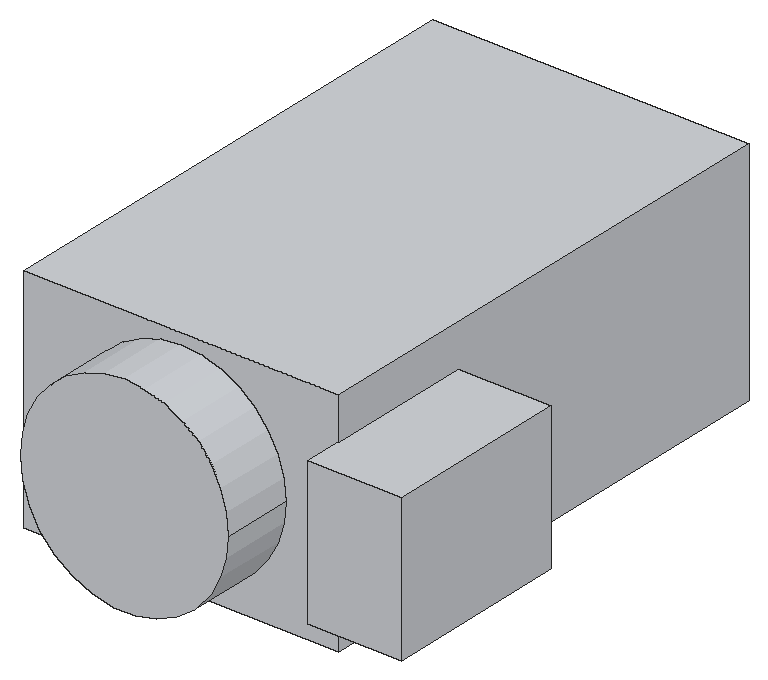
Revit family "EZTA", category Mechanical Equipment, Revit 2018
Family settings
  Round Connector Dimension = Use Diameter
  Part Type = Normal
  OmniClass Number = 23.75.00.00
  OmniClass Title = Climate Control (HVAC)
  Work Plane-Based = No
  Always vertical = Yes
  Cut with Voids When Loaded = No
  Shared = No
  Room Calculation Point = No
Parameters (values of type "EZTA Inlet Size 16 W/RH Controller")
  Width = 2' - 0"
  URL = "https://www.anemostat-hvac.com/"
  RightController = yes
  Power Right Controller = yes
  Power Left Controller = no
  Model = "EZTA"
  Manufacturer = "ANEMOSTAT PRODUCTS"
  Length = 3' - 3 1/2"
  LeftController = no
  Inlet_S = 0' - 5 3/8"
  InletRadius = InletDia / 2  # 0' - 7 15/16"
  InletDia = 1' - 3 7/8"
  Height = 1' - 5 1/2"
  SlipDrive = 3' - 8 7/16"
  Overlap = 0' - 0 5/8"
  EnslosureRear = 1' - 2 7/32"
  EnclosureWidth = 0' - 7 1/8"
  EnclosureHeight = 0' - 11 3/32"
  EnclosureFront = 0' - 3"
  EnclosureCenter = Height / 2  # 0' - 8 3/4"
  DischargeY = Height - 0' 1 1/4"  # 1' - 4 1/4"
  DischargeX = Width - 0' 1 1/4"  # 1' - 10 3/4"
  Discharge = 0' - 0 5/8"
  Description = "EZTA W/Integral Sound Attenuator"
  Coil = SlipDrive - Length  # 0' - 4 15/16"
Types (18): name | Width | RightController | Power Right Controller | Power Left Controller | LeftController | InletRadius | InletDia | Height | SlipDrive | EnclosureCenter | DischargeY | DischargeX | Coil
  EZTA Inlet Size 16 W/RH Controller | 2' - 0" | yes | yes | no | no | 0' - 7 15/16" | 1' - 3 7/8" | 1' - 5 1/2" | 3' - 8 7/16" | 0' - 8 3/4" | 1' - 4 1/4" | 1' - 10 3/4" | 0' - 4 15/16"
  EZTA Inlet Size 16 W/LH Controller | 2' - 0" | no | no | yes | yes | 0' - 7 15/16" | 1' - 3 7/8" | 1' - 5 1/2" | 3' - 8 7/16" | 0' - 8 3/4" | 1' - 4 1/4" | 1' - 10 3/4" | 0' - 4 15/16"
  EZTA Inlet Size 14 W/LH Controller | 1' - 8" | no | no | yes | yes | 0' - 6 15/16" | 1' - 1 7/8" | 1' - 5 1/2" | 3' - 7 1/4" | 0' - 8 3/4" | 1' - 4 1/4" | 1' - 6 3/4" | 0' - 3 3/4"
  EZTA Inlet Size 14 W/RH Controller | 1' - 8" | yes | yes | no | no | 0' - 6 15/16" | 1' - 1 7/8" | 1' - 5 1/2" | 3' - 7 1/4" | 0' - 8 3/4" | 1' - 4 1/4" | 1' - 6 3/4" | 0' - 3 3/4"
  EZTA Inlet Size 12 W/RH Controller | 1' - 4" | yes | yes | no | no | 0' - 5 15/16" | 0' - 11 7/8" | 1' - 3" | 3' - 7 1/4" | 0' - 7 1/2" | 1' - 1 3/4" | 1' - 2 3/4" | 0' - 3 3/4"
  EZTA Inlet Size 12 W/LH Controller | 1' - 4" | no | no | yes | yes | 0' - 5 15/16" | 0' - 11 7/8" | 1' - 3" | 3' - 7 1/4" | 0' - 7 1/2" | 1' - 1 3/4" | 1' - 2 3/4" | 0' - 3 3/4"
  EZTA Inlet Size 10 W/LH Controller | 1' - 2" | no | no | yes | yes | 0' - 4 15/16" | 0' - 9 7/8" | 1' - 0 1/2" | 3' - 10 7/16" | 0' - 6 1/4" | 0' - 11 1/4" | 1' - 0 3/4" | 0' - 6 15/16"
  EZTA Inlet Size 10 W/RH Controller | 1' - 2" | yes | yes | no | no | 0' - 4 15/16" | 0' - 9 7/8" | 1' - 0 1/2" | 3' - 7 1/4" | 0' - 6 1/4" | 0' - 11 1/4" | 1' - 0 3/4" | 0' - 3 3/4"
  EZTA Inlet Size 09 W/RH Controller | 1' - 2" | yes | yes | no | no | 0' - 4 7/16" | 0' - 8 7/8" | 1' - 0 1/2" | 3' - 10 7/16" | 0' - 6 1/4" | 0' - 11 1/4" | 1' - 0 3/4" | 0' - 6 15/16"
  EZTA Inlet Size 09 W/LH Controller | 1' - 2" | no | no | yes | yes | 0' - 4 7/16" | 0' - 8 7/8" | 1' - 0 1/2" | 3' - 10 7/16" | 0' - 6 1/4" | 0' - 11 1/4" | 1' - 0 3/4" | 0' - 6 15/16"
  EZTA Inlet Size 08 W/LH Controller | 1' - 0" | no | no | yes | yes | 0' - 3 15/16" | 0' - 7 7/8" | 0' - 10" | 3' - 7 1/4" | 0' - 5" | 0' - 8 3/4" | 0' - 10 3/4" | 0' - 3 3/4"
  EZTA Inlet Size 08 W/RH Controller | 1' - 0" | yes | yes | no | no | 0' - 3 15/16" | 0' - 7 7/8" | 0' - 10" | 3' - 7 1/4" | 0' - 5" | 0' - 8 3/4" | 0' - 10 3/4" | 0' - 3 3/4"
  EZTA Inlet Size 07 W/LH Controller | 1' - 0" | no | no | yes | yes | 0' - 3 7/16" | 0' - 6 7/8" | 0' - 10" | 3' - 7 1/4" | 0' - 5" | 0' - 8 3/4" | 0' - 10 3/4" | 0' - 3 3/4"
  EZTA Inlet Size 07 W/RH Controller | 1' - 0" | yes | yes | no | no | 0' - 3 7/16" | 0' - 6 7/8" | 0' - 10" | 3' - 7 1/4" | 0' - 5" | 0' - 8 3/4" | 0' - 10 3/4" | 0' - 3 3/4"
  EZTA Inlet Size 06 W/RH Controller | 0' - 10" | yes | yes | no | no | 0' - 2 15/16" | 0' - 5 7/8" | 0' - 10" | 3' - 7 1/4" | 0' - 5" | 0' - 8 3/4" | 0' - 8 3/4" | 0' - 3 3/4"
  EZTA Inlet Size 06 W/LH Controller | 0' - 10" | no | no | yes | yes | 0' - 2 15/16" | 0' - 5 7/8" | 0' - 10" | 3' - 7 1/4" | 0' - 5" | 0' - 8 3/4" | 0' - 8 3/4" | 0' - 3 3/4"
  EZTA Inlet Size 05 W/RH Controller | 0' - 10" | yes | yes | no | no | 0' - 2 7/16" | 0' - 4 7/8" | 0' - 10" | 3' - 7 1/4" | 0' - 5" | 0' - 8 3/4" | 0' - 8 3/4" | 0' - 3 3/4"
  EZTA Inlet Size 05 W/LH Controller | 0' - 10" | no | no | yes | yes | 0' - 2 7/16" | 0' - 4 7/8" | 0' - 10" | 3' - 10 7/16" | 0' - 5" | 0' - 8 3/4" | 0' - 8 3/4" | 0' - 6 15/16"
Reference planes (in)
  plane 1 "Center (Front/Back)": y = 0
  plane 2: z = 0
  plane 3 "Center (Left/Right)": x = 0
  plane 4 "RightSide": x = 12
  plane 5 "LeftSide": x = -12
  plane 6 "InletSide": y = -19.75
  plane 7: y = -8.53125
  plane 8 "EnclosureFront": y = -22.75
  plane 9: x = 19.125
  plane 10: x = -19.125
  plane 11 "DischargeSide": y = 19.75
  plane 12: y = 19.125
  plane 13: z = 17.5
  plane 14: z = 8.75
  plane 15: z = 14.29687
  plane 16: z = 3.20313
  plane 17: x = 11.375
  plane 18: x = -11.375
  plane 19: z = 16.875
  plane 20: z = 0.625
  plane 21: y = 18.5
  plane 22 "HWC SlipNDrive": y = 24.6875
  plane 23: z = 1.25
  plane 24: y = 22.875
  plane 25: y = 23.13415
  plane 26: z = 16.25
Forms (in)
  Extrusion 1, solid
    sketch origin (0, 0, 0) x (1, 0, 0) y (0, 1, 0)
      loop
        line (12, 19.125) -> (-12, 19.125) -> (-12, -19.75) -> (12, -19.75) -> (12, 19.125)
    from 0 to 17.5
  Extrusion 2, solid
    sketch origin (0, -19.75, 0) x (1, 0, 0) y (0, 0, 1)
      loop
        circle (0, 8.75) r 7.9375
    from 0 to 5.375 <- "Inlet_S"
  Extrusion 3, solid
    sketch origin (0, 19.75, 0) x (1, 0, 0) y (0, 0, 1)
      loop
        line (-11.375, 16.875) -> (-11.375, 0.625) -> (11.375, 0.625) -> (11.375, 16.875) -> (-11.375, 16.875)
    from 0 to 0.625 <- "Discharge"
Dimensions and locks (in)
  equal spacing: plane 5 "LeftSide", plane 3 "Center (Left/Right)", plane 4 "RightSide"
  "EnclosureFront": plane 8 "EnclosureFront" to plane 6 "InletSide"
  "Width": plane 5 "LeftSide" to plane 4 "RightSide"
  "EnclosureWidth": plane 4 "RightSide" to plane 9
  "EnclosureWidth": plane 10 to plane 5 "LeftSide"
  equal spacing: plane 11 "DischargeSide", plane 1 "Center (Front/Back)", plane 6 "InletSide"
  "Length": plane 11 "DischargeSide" to plane 6 "InletSide"
  "EnslosureRear": plane 7 to plane 8 "EnclosureFront"
  "Discharge": plane 12 to plane 11 "DischargeSide"
  equal spacing: plane 15, plane 14, plane 16
  "EnclosureHeight": plane 15 to plane 16
  "EnclosureCenter": plane 14 to level
  "Height": plane 13 to level
  equal spacing: plane 17, plane 3 "Center (Left/Right)", plane 18
  "DischargeX": plane 17 to plane 18
  "Discharge": plane 13 to plane 19
  "Discharge": plane 20 to level
  plane 6 "InletSide" to plane 11 "DischargeSide" = 3' - 3 1/2"
  "Overlap": plane 21 to plane 12
  "SlipDrive": plane 22 "HWC SlipNDrive" to plane 6 "InletSide"
  locked: plane 24 to plane 12 at 3.75
  locked: plane 23 to level at 1.25
  locked: plane 25 to plane 12 at 4.00915
  locked: plane 13 to plane 26 at 1.25
  "InletRadius": radius of Extrusion 2 sketch curve
  aligned and locked: level to plane 2
  aligned and locked: plane 12 to Extrusion 1 sketch curve
  aligned and locked: plane 4 "RightSide" to Extrusion 1 sketch curve
  aligned and locked: plane 6 "InletSide" to Extrusion 1 sketch curve
  aligned and locked: plane 5 "LeftSide" to Extrusion 1 sketch curve
  aligned and locked: plane 13 to Extrusion 1
  aligned and locked: plane 19 to Extrusion 3 sketch curve
  aligned and locked: Extrusion 3 sketch curve to plane 18
  aligned and locked: plane 20 to Extrusion 3 sketch curve
  aligned and locked: Extrusion 3 sketch curve to plane 17
  aligned and locked: nested 1 to plane 7
  aligned and locked: plane 4 "RightSide" to nested 1
  aligned and locked: nested 2 to plane 5 "LeftSide"
  aligned and locked: nested 2 to plane 7
Automatic sketch dimensions
  Extrusion 2 sketch curve to plane 3 "Center (Left/Right)" = 0' - 0"
  Extrusion 2 sketch curve to plane 14 = 0' - 0"
Nested families (in)
  nested 1: "ControlEnclosure" at (12, -9.91058, 0), visible <- "RightController", type "Inlet Size 10 Enclosure Left"
    with Height 1' - 5 1/2", EnclosureWidth 0' - 7 1/8", EnclosureHeight 0' - 11 3/32", EnclosureCenter 0' - 8 3/4"
  nested 2: "ControlEnclosure" at (-12, -9.91058, 0) x (-1, 0, 0) z (0, 0, 1), visible <- "LeftController", type "Inlet Size 10 Enclosure Left"
    with Height 1' - 5 1/2", EnclosureWidth 0' - 7 1/8", EnclosureHeight 0' - 11 3/32", EnclosureCenter 0' - 8 3/4"
Connectors (in)
  hvac at (0, -25.125, 8.75), driven by "InletDia"
    settings: on Extrusion 2, index 1, duct flow 0 CFM, flow factor 0, pres drop 0.00 in-wg, loss coef 0, conn angle 0.00°, conn width 12", conn height 12", conn diameter 15 7/8", duct sys type 1, conn prof type 0, flow config 0, flow direction 1, loss method 0, conn ref index -1, conn util no, is conn primary yes, conn desc ""
  electrical at (-19.125, -15.64062, 8.75), driven by "Power Left Controller"
    settings: on nested 2, index 2, voltage 0 V, apparent load 0 VA, apparent load phase1 0 VA, apparent load phase2 0 VA, apparent load phase3 0 VA, power factor 1, load classification "Other", number of poles 1, system type 31, power factor state 1, is connector primary yes, connector utility no, sub classification motor no, connector description ""
  electrical at (19.125, -15.64062, 8.75), driven by "Power Right Controller"
    settings: on nested 1, index 8, voltage 0 V, apparent load 0 VA, apparent load phase1 0 VA, apparent load phase2 0 VA, apparent load phase3 0 VA, power factor 1, load classification "Other", number of poles 1, system type 31, power factor state 1, is connector primary no, connector utility yes, sub classification motor no, connector description ""
  hvac at (0, 19.75, 8.75), driven by "DischargeY", driven by "DischargeX"
    settings: on Extrusion 3, index 9, duct flow 0 CFM, flow factor 0, pres drop 0.00 in-wg, loss coef 0, conn angle 0.00°, conn width 22 3/4", conn height 16 1/4", conn diameter 24", duct sys type 1, conn prof type 1, flow config 0, flow direction 0, loss method 0, conn ref index -1, conn util no, is conn primary no, conn desc ""
Definition of nested family "ControlEnclosure"
  Parameters (values of type "Enclosure")
    Width = 1' - 2"
    Lenght = 1' - 2 1/2"
    Height = 1' - 0 1/2"
    EnslosureRear = 1' - 2 7/32"
    EnclosureWidth = 0' - 7 1/8"
    EnclosureHeight = 0' - 11 3/32"
    EnclosureFront = 0' - 3"
    EnclosureCenter = Height / 2  # 0' - 6 1/4"
    DischargeY = 0' - 11 1/4"
    DischargeX = 1' - 0 3/4"
    Discharge = 0' - 0 5/8"
  Types (3): name | EnclosureWidth | EnclosureHeight
    Inlet Size 10 Enclosure Left | 0' - 11 3/32" | 0' - 7 1/8"
    Inlet Size 10 Enclosure Right | 0' - 7 1/8" | 0' - 6.00967"
    Enclosure | 0' - 7 1/8" | 0' - 11 3/32"
  Reference planes (in)
    plane 1 "Center (Front/Back)": y = 0
    plane 2: z = 0
    plane 3 "Center (Left/Right)": x = 0
    plane 4: x = 7
    plane 5: x = -7
    plane 6: y = -7.25
    plane 7: y = 1.37933
    plane 8: y = -12.83942
    plane 9 "EnclosureSide": x = 14.125
    plane 10: x = -14.125
    plane 11: y = 7.25
    plane 12: y = 6.625
    plane 13: z = 6.25
    plane 14: z = 11.79688
    plane 15: z = 0.70313
  Forms (in)
    Extrusion 1, solid
      sketch origin (0, 0, 0) x (0, 1, 0) y (0, 0, 1)
        loop
          line (1.37933, 11.79688) -> (-12.83942, 11.79688) -> (-12.83942, 0.70313) -> (1.37933, 0.70313) -> (1.37933, 11.79688)
      from 0 to 7.125 <- "EnclosureWidth"
  Dimensions and locks (in)
    equal spacing: plane 5, plane 3 "Center (Left/Right)", plane 4
    plane 8 to plane 6 = 0' - 5.58942"
    "Width": plane 5 to plane 4
    "EnclosureWidth": plane 4 to plane 9 "EnclosureSide"
    "EnclosureWidth": plane 10 to plane 5
    equal spacing: plane 11, plane 1 "Center (Front/Back)", plane 6
    "Lenght": plane 11 to plane 6
    "EnslosureRear": plane 7 to plane 8
    "Discharge": plane 12 to plane 11
    "EnclosureCenter": plane 13 to level
    equal spacing: plane 15, plane 13, plane 14
    "EnclosureHeight": plane 15 to plane 14
    aligned and locked: level to plane 2
    aligned and locked: Extrusion 1 sketch curve to plane 7
    aligned and locked: Extrusion 1 sketch curve to plane 14
    aligned and locked: Extrusion 1 sketch curve to plane 8
    aligned and locked: Extrusion 1 sketch curve to plane 15
